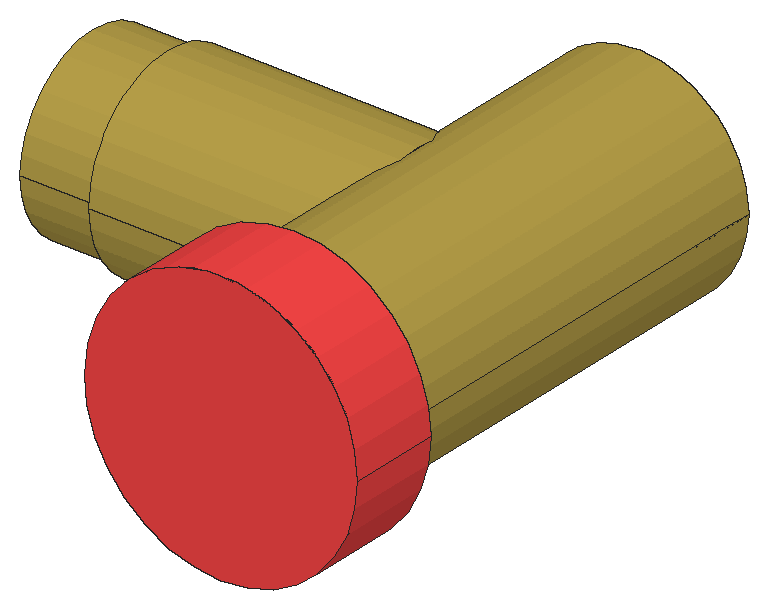
Revit family "Угловой термостатический вентиль «Smax»", category Арматура трубопроводов, Revit 2020
Family settings
  Размер круглого соединителя = Использовать диаметр
  Тип детали = Клапан - Вставляется
  Номер OmniClass = 23.65.55.14.21
  Заголовок OmniClass = Non-Return Valves for Liquid Services
  На основе рабочей плоскости = Нет
  Всегда вертикально = Нет
  При загрузке вырезать с полостями = Нет
  Общий = Да
Parameters (values of type "Dn20")
  Отметка по умолчанию = 0 mm
  Материал клапана = Латунь
  K Coefficient = 1
  Толщина крышки = 0.15 * Длина корпуса  # 12.3 mm
  Высота крышки = 36 mm
  Диаметр крышки = 39 mm
  Длина корпуса = 82 mm
  Диаметр корпуса = 0.6 * Диаметр адаптера  # 14.4 mm
  Длина адаптера = 0.1 * Длина корпуса  # 8.2 mm
  Диаметр адаптера = 1.2 * ADSK_Диаметр условный  # 24 mm
  URL = "https://www.weser.ru/about/documentation/"
  Kvs [instance] = 0.0 m³/h
  ADSK_Позиция = ""
  ADSK_Наименование краткое = "Термостатический вентиль"  # constant formula
  ADSK_Наименование [instance] = "Угловой термостатический вентиль «Smax» Dn20"
  ADSK_Масса_Текст = ""
  ADSK_Код изделия [instance] = "820830.100"
  ADSK_Завод-изготовитель [instance] = "Weser"  # constant formula
  ADSK_Единица измерения [instance] = "шт."  # constant formula
  ADSK_Диаметр условный = 20 mm
  ADSK_Группирование [instance] = ""
Types (2, lengths in mm): name | K Coefficient | Диаметр корпуса | Диаметр адаптера | ADSK_Наименование | ADSK_Код изделия | ADSK_Диаметр условный
  Dn15 | 0.53 | 10.8 | 18 | "Угловой термостатический вентиль «Smax»  Dn15" | "820820.100" | 15
  Dn20 | 1 | 14.4 | 24 | "Угловой термостатический вентиль «Smax» Dn20" | "820830.100" | 20
Reference planes
  plane 1 "По центру (Вперед/Назад)": y = 0
  plane 2: z = 0
  plane 3 "По центру (Влево/Вправо)": x = 0
  plane 4: x = -41
  plane 5: x = 41
  plane 6: x = -32.8
  plane 7: z = 23.7
  plane 8: z = 36
  plane 9: z = -10.8
  plane 10: z = -16.8
  plane 11: x = -3.6
  plane 12: x = -10.8
  plane 13: y = 23.671
  plane 14: y = -23.671
Forms (mm)
  Extrusion 1, solid, material "Латунь" <- "Материал клапана", detail levels fine
    sketch origin (0, 0, 0) x (0, 1, 0) y (0, 0, 1)
      loop
        circle (0, 0) r 10.8
    from -32.8 to 0
  Extrusion 2, solid, material "Латунь" <- "Материал клапана", detail levels fine
    sketch origin (0, 0, 0) x (1, 0, 0) y (0, 0, 1)
      loop
        circle (0, 0) r 11.951
    from -23.739 to 23.671
  Extrusion 3, solid, material "Латунь" <- "Материал клапана", detail levels fine
    sketch origin (-41, 552.765, 1219.2) x (0, 1, 0) y (0, 0, 1)
      loop
        circle (-552.765, -1219.2) r 10
    from 0 to 8.2
  Extrusion 4, solid, material "Пластик Красный", detail levels fine
    sketch origin (-152.652, -23.671, 1219.2) x (-1, 0, 0) y (0, 0, 1)
      loop
        circle (-152.652, -1219.2) r 15
    from 0 to -10
Cuts and joins
  joined: Extrusion 1, Extrusion 2, Extrusion 3
Dimensions and locks
  equal spacing: plane 4, plane 3 "По центру (Влево/Вправо)", plane 5
  "Длина корпуса": plane 4 to plane 5
  "Длина адаптера": plane 4 to plane 6
  "Толщина крышки": plane 8 to plane 7
  "Высота крышки": plane 8 to plane 2
  locked: plane 2 to plane 9 at 10.8
  locked: plane 9 to plane 10 at 6
  locked: plane 3 "По центру (Влево/Вправо)" to plane 11 at 3.6
  locked: plane 3 "По центру (Влево/Вправо)" to plane 12 at 10.8
  locked: plane 13 to plane 1 "По центру (Вперед/Назад)" at 23.671
  locked: plane 1 "По центру (Вперед/Назад)" to plane 14 at 23.671
  locked: Extrusion 1 sketch curve to Extrusion 1 sketch curve (radius 10.8 mm)
  "ADSK_Диаметр условный": diameter of Extrusion 3 sketch curve
  aligned and locked: plane 2 to Extrusion 1 sketch curve
  aligned and locked: plane 1 "По центру (Вперед/Назад)" to Extrusion 1 sketch curve
  aligned and locked: Extrusion 1 to plane 6
  aligned and locked: plane 3 "По центру (Влево/Вправо)" to Extrusion 2 sketch curve
  aligned and locked: cut or joined group of Extrusion 1, Extrusion 2, Extrusion 3 to plane 14
  aligned and locked: plane 6 to Extrusion 3
  aligned and locked: Extrusion 3 to plane 4
  aligned and locked: nested 1 to plane 3 "По центру (Влево/Вправо)"
  aligned and locked: plane 1 "По центру (Вперед/Назад)" to nested 1
Automatic sketch dimensions
  Extrusion 2 sketch curve to level = 0 mm
  Extrusion 3 sketch curve to level = 0 mm
  Extrusion 3 sketch curve to plane 1 "По центру (Вперед/Назад)" = 0 mm
  Extrusion 4 sketch curve to level = 0 mm
  Extrusion 4 sketch curve to plane 3 "По центру (Влево/Вправо)" = 0 mm
  radius of Extrusion 2 sketch curve = 11.951 mm
  radius of Extrusion 4 sketch curve = 15 mm
Nested families
  nested 1: "УГО Клапан регулирующий угловой" at (0, 0, 0), type "УГО Клапан регулирующий проходной"
    with УГО в разрезе no, УГО в плане yes, L1 14.977 mm, L 104.841 mm, H 38.393 mm, D 38.393 mm, ADSK_Позиция "", ADSK_Обозначение "", ADSK_Наименование "", ADSK_Код изделия ""
Connectors
  piping at (-32.8, 0, 0), diameter 20, driven by "ADSK_Диаметр условный"
    settings: on cut or joined group of Extrusion 1, Extrusion 2, Extrusion 3, index 1, connector inside diameter 609.6 mm, connector length 0 mm, flow factor 0, pipe flow 0.0 m³/h, pressure drop 0.0 Pa, fitting loss kfactor 0, connector angle 0.00°, fixture units 0, engagement length 0 mm, angle of deflection 0.00°, flow configuration 0, flow direction 0, fitting loss method 0, system type 29, joint type 0, gender type 0, connector reference index 2, connector utility 0, adjustable connector no, is connector primary yes, connector description ""
  piping at (0, 23.739, 0), diameter 20, driven by "ADSK_Диаметр условный"
    settings: on cut or joined group of Extrusion 1, Extrusion 2, Extrusion 3, index 2, connector inside diameter 609.6 mm, connector length 0 mm, flow factor 0, pipe flow 0.0 m³/h, pressure drop 0.0 Pa, fitting loss kfactor 0, connector angle 90.00°, fixture units 0, engagement length 0 mm, angle of deflection 0.00°, flow configuration 0, flow direction 0, fitting loss method 0, system type 29, joint type 0, gender type 0, connector reference index 1, connector utility 0, adjustable connector no, is connector primary no, connector description ""
  piping at (0, -23.671, 0), diameter 30
    settings: on Extrusion 4, index 3, connector inside diameter 609.6 mm, connector length 0 mm, flow factor 0, pipe flow 0.0 m³/h, pressure drop 0.0 Pa, fitting loss kfactor 0, connector angle 0.00°, fixture units 0, engagement length 0 mm, angle of deflection 0.00°, flow configuration 0, flow direction 0, fitting loss method 0, system type 28, joint type 0, gender type 0, connector reference index -1, connector utility 0, adjustable connector no, is connector primary no, connector description ""
Definition of nested family "УГО Клапан регулирующий угловой"
  Parameters (values of type "УГО Клапан запорно-балансировочный ручной")
    УГО в разрезе [instance] = not(УГО в плане)  # no
    УГО в плане [instance] = yes
    Разработчик (телефон) = ""
    Разработчик (email) = ""
    Разработчик (URL) = ""
    Разработчик = ""
    Default Elevation = 0 mm
    Manufacturer = ""
    L1 [instance] = L / 7  # 14.286 mm
    L [instance] = 100 mm
    H [instance] = D  # 44.634 mm
    D [instance] = 44.634 mm
    ADSK_Позиция [instance] = ""
    ADSK_Обозначение [instance] = ""
    ADSK_Наименование [instance] = ""
    ADSK_Масса = 0
    ADSK_Количество = 1  # constant formula
    ADSK_Код изделия [instance] = ""
    ADSK_Завод-изготовитель = Manufacturer  # ""
    ADSK_Единица измерения = "шт"  # constant formula
    ADSK_URL документации изделия = ""
  Types (3, lengths in mm): name | L1 | L | H | D
    УГО Клапан регулирующий проходной | 3.146 | 22.023 | 44.634 | 44.634
    УГО Клапан запорный | 28.571 | 200 | 100 | 100
    УГО Клапан запорно-балансировочный ручной | 14.286 | 100 | 44.634 | 44.634
  Reference planes
    plane 1 "По центру (Вперед/Назад)": y = 0
    plane 2: z = 0
    plane 3 "По центру (Влево/Вправо)": x = 0
    plane 4: x = -50
    plane 5: x = -7.143
    plane 6: x = 50
    plane 7: x = 7.143
    plane 8: y = 44.634
    plane 9: y = 22.317
    plane 10: y = -22.317
    plane 11: z = 22.317
    plane 12: z = 44.634
    plane 13: z = -22.317
    plane 14: x = -22.317
    plane 15: x = 22.317
    plane 16: y = 50
    plane 17: y = -50
    plane 18: y = -35
    plane 19: x = -35
  Lines and regions (mm)
    symbolic lines, detail levels coarse+medium
      curve 1: line (-35, 22.317, 0) -> (-35, -22.317, 0)
      curve 2: line (-35, -22.317, 0) -> (0, 0, 0)
      curve 3: line (0, 0, 0) -> (-35, 22.317, 0)
      curve 4: line (0, 0, 0) -> (-7.143, 22.317, 0)
      curve 5: line (-7.143, 22.317, 0) -> (7.143, 22.317, 0)
      curve 6: line (7.143, 22.317, 0) -> (0, 0, 0)
      curve 7: line (0, 22.317, 0) -> (0, 44.634, 0)
      curve 8: line (-22.317, -35, 0) -> (22.317, -35, 0)
      curve 9: line (22.317, -35, 0) -> (0, 0, 0)
      curve 10: line (0, 0, 0) -> (-22.317, -35, 0)
  Dimensions and locks
    equal spacing: plane 4, plane 3 "По центру (Влево/Вправо)", plane 6
    "L": plane 4 to plane 6
    equal spacing: plane 5, plane 3 "По центру (Влево/Вправо)", plane 7
    "L1": plane 5 to plane 7
    equal spacing: plane 9, plane 1 "По центру (Вперед/Назад)", plane 10
    "D": plane 9 to plane 10
    "H": plane 8 to plane 1 "По центру (Вперед/Назад)"
    equal spacing: plane 11, level, plane 13
    "D": plane 11 to plane 13
    "H": plane 12 to level
    "D": plane 14 to plane 15
    equal spacing: plane 14, plane 3 "По центру (Влево/Вправо)", plane 15
    "L": plane 16 to plane 17
    equal spacing: plane 16, plane 1 "По центру (Вперед/Назад)", plane 17
    locked: plane 18 to plane 17 at 15
    locked: plane 4 to plane 19 at 15
    aligned and locked: level to plane 2
    aligned and locked: curve 1 to plane 19
    aligned and locked: curve 8 to plane 18
    aligned and locked: plane 19 to curve 2
    aligned and locked: plane 9 to curve 3
  Automatic sketch dimensions
    curve 10 to plane 14 = 0 mm
    curve 4 to plane 5 = 0 mm
    plane 1 "По центру (Вперед/Назад)" to curve 4 = 0 mm
    curve 4 to plane 3 "По центру (Влево/Вправо)" = 0 mm
    curve 7 to plane 3 "По центру (Влево/Вправо)" = 0 mm
    curve 5 to plane 7 = 0 mm
    curve 8 to plane 15 = 0 mm
    plane 10 to curve 2 = 0 mm
    curve 6 to plane 9 = 0 mm
    curve 7 to plane 8 = 0 mm
